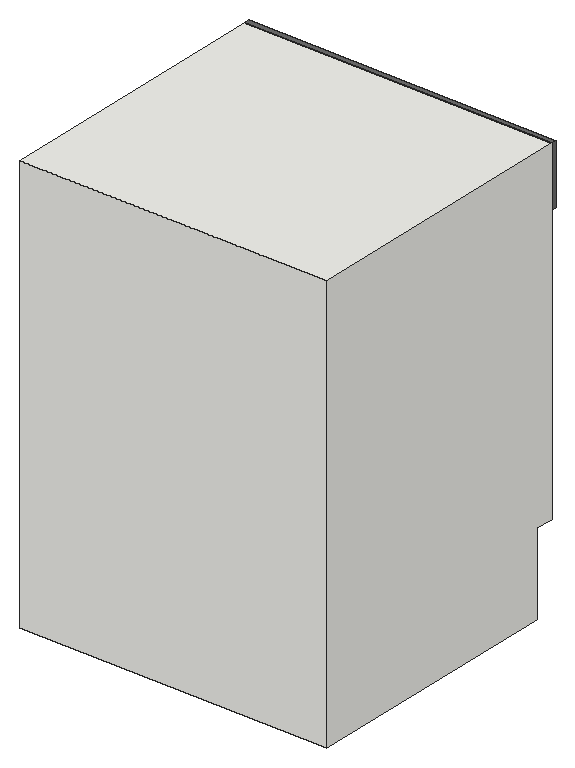
Revit family
Parameters (values of type "600 x 820 x 550mm")
  Label = "D"
  Depth = 550 mm
  Material = Metal - Paint Finish - Ivory, Glossy
  Height = 820 mm
  Plinth Depth = 35 mm
  Plinth Height = 160 mm
  Width = 600 mm
Reference planes
  plane 1: y = 0
  plane 2 "Center": x = -151.314
  plane 3: y = 676.2
  plane 4 "Right": x = 148.686
  plane 5 "Left": x = -451.314
  plane 6: y = 126.2
  plane 7: z = 160
  plane 8: y = 641.2
  plane 9: z = 820
  plane 10: z = 786.085
  plane 11: x = -76.314
  plane 12: z = 761.085
  plane 13: x = -376.314
  plane 14: x = -25.005
  plane 15: z = 702.169
  plane 16: z = 736.085
  plane 17: z = 440
  plane 18: y = 401.2
Forms (mm)
  Extrusion 1, solid, material "Metal - Paint Finish - Ivory, Glossy" <- "Material"
    sketch origin (-451.314, 0, 0) x (0, -1, 0) y (0, 0, 1)
      loop
        line (-126.2, 820) -> (-676.2, 820) -> (-676.2, 160) -> (-641.2, 160) -> (-641.2, 0) -> (-126.2, 0) -> (-126.2, 820)
    from -600 to 0
  Extrusion 2, void
    sketch origin (-451.314, 676.2, 820) x (-1, 0, 0) y (0, 0, -1)
      loop
        circle (-300, 380) r 190
    from 0 to 250
  Extrusion 3, solid, material "Metal - Stainless Steel"
    sketch origin (-451.314, 676.2, 820) x (1, 0, 0) y (0, 0, -1)
      loop
        circle (300, 380) r 190
      loop
        circle (300, 380) r 140
    from 0 to 19
  Extrusion 4, solid, material "Metal - Stainless Steel"
    sketch origin (-451.314, 676.2, 820) x (1, 0, 0) y (0, 0, -1)
      loop
        line (0, 117.831) -> (0, 0) -> (600, 0) -> (600, 117.831) -> (0, 117.831)
      loop
        circle (93.427, 605.23) r 35
    from 0 to 10
  Extrusion 5, solid, material "Plastic - Black"
    sketch origin (-451.314, 686.2, 820) x (1, 0, 0) y (0, 0, -1)
      loop
        line (571.309, 58.915) -> (571.309, 83.915) -> (454.473, 83.915) -> (454.473, 58.915) -> (571.309, 58.915)
      loop
        line (225, 38.915) -> (225, 78.915) -> (200, 78.915) -> (200, 38.915) -> (225, 38.915)
      loop
        circle (75, 58.915) r 25
      loop
        circle (375, 58.915) r 15
      loop
        line (58.693, 600.92) -> (127.961, 600.92) -> (127.961, 610.92) -> (58.693, 610.92) -> (58.693, 600.92)
      loop
        line (325, 38.915) -> (325, 78.915) -> (300, 78.915) -> (300, 38.915) -> (325, 38.915)
      loop
        line (275, 38.915) -> (275, 78.915) -> (250, 78.915) -> (250, 38.915) -> (275, 38.915)
    from 0 to 5
Cuts and joins
  Extrusion 2 cuts Extrusion 1
Lines and regions (mm)
  symbolic lines
    curve 1: line (-451.314, 676.2, 0) -> (148.686, 676.2, 0)
    curve 2: line (-451.314, 126.2, 0) -> (-451.314, 676.2, 0)
    curve 3: line (148.686, 126.2, 0) -> (-451.314, 126.2, 0)
    curve 4: line (148.686, 676.2, 0) -> (148.686, 126.2, 0)
    curve 5: line (-451.314, 656.2, 0) -> (148.686, 656.2, 0)
Text (mm)
  text "Placement Side" at (0, 533.471, 1971.195), in view "Right"
  text "Placement Side" at (-1038.758, 1363.827, 0), in view "Ref. Level"
  text "Placement Side" at (0, 1206.291, 1923.349), in view "Left"
Dimensions and locks
  "Depth": plane 6 to plane 3
  "Width": plane 5 "Left" to plane 4 "Right"
  equal spacing: plane 5 "Left", plane 2 "Center", plane 4 "Right"
  locked: plane 6 to host wall at 50
  "Plinth Depth": plane 3 to plane 8
  "Plinth Height": level to plane 7
  "Height": level to plane 9
  plane 5 "Left" to plane 13 = 75 mm
  equal spacing: plane 15, plane 12, plane 9
  plane 15 to plane 9 = 117.831 mm
  equal spacing: plane 16, plane 12, plane 10
  equal spacing: plane 6, plane 18, plane 3
  aligned and locked: plane 5 "Left" to Extrusion 1  (x2)
  aligned and locked: Extrusion 1 to plane 4 "Right"
  aligned and locked: curve 1 to Extrusion 1
  aligned and locked: curve 4 to Extrusion 1  (x2)
  aligned and locked: plane 3 to Extrusion 3
  aligned and locked: Extrusion 4 sketch curve to cut or joined group of Extrusion 1, Extrusion 2  (x2)
  aligned and locked: plane 2 "Center" to nested 1
  aligned and locked: nested 1 to plane 18
Automatic sketch dimensions
  Extrusion 1 sketch curve to plane 3 = 0 mm
  Extrusion 1 sketch curve to plane 7 = 0 mm
  Extrusion 1 sketch curve to plane 8 = 0 mm
  Extrusion 1 sketch curve to level = 0 mm
  Extrusion 1 sketch curve to plane 6 = 0 mm
  Extrusion 1 sketch curve to plane 9 = 0 mm
  curve 5 to curve 1 = 20 mm
  Extrusion 2 sketch curve to plane 17 = 0 mm
  Extrusion 2 sketch curve to plane 2 "Center" = 0 mm
  Extrusion 2 sketch curve to plane 14 = 63.691 mm
  Extrusion 3 sketch curve to plane 17 = 0 mm  (x2)
  Extrusion 3 sketch curve to plane 2 "Center" = 0 mm  (x2)
  Extrusion 3 sketch curve to plane 13 = 85 mm
  Extrusion 3 sketch curve to plane 13 = 35 mm
  plane 13 to Extrusion 4 sketch curve = 16.573 mm
  Extrusion 4 sketch curve to plane 13 = 18.427 mm
  Extrusion 4 sketch curve to plane 7 = 54.77 mm
  Extrusion 5 sketch curve to plane 12 = 0 mm  (x3)
  Extrusion 5 sketch curve to plane 13 = 0 mm
  Extrusion 5 sketch curve to plane 2 "Center" = 0 mm
  Extrusion 5 sketch curve to plane 11 = 0 mm
  plane 13 to Extrusion 5 sketch curve = 16.307 mm
  plane 13 to Extrusion 5 sketch curve = 25 mm
  Extrusion 5 sketch curve to plane 13 = 52.961 mm
  Extrusion 5 sketch curve to plane 16 = 5 mm  (x3)
  Extrusion 5 sketch curve to Extrusion 5 sketch curve = 25 mm  (x3)
  plane 10 to Extrusion 5 sketch curve = 5 mm  (x3)
  plane 2 "Center" to Extrusion 5 sketch curve = 25 mm
  plane 11 to Extrusion 5 sketch curve = 15 mm
  Extrusion 5 sketch curve to plane 7 = 59.08 mm
  Extrusion 5 sketch curve to Extrusion 5 sketch curve = 10 mm
  curve 4 to plane 3 = 0 mm
  Extrusion 4 sketch curve to plane 9 = 0 mm
  Extrusion 4 sketch curve to plane 15 = 0 mm
  Extrusion 5 sketch curve to plane 16 = 0 mm
  Extrusion 5 sketch curve to Extrusion 5 sketch curve = 75 mm
  Extrusion 5 sketch curve to plane 14 = 28.164 mm
  plane 4 "Right" to Extrusion 5 sketch curve = 28.691 mm
Nested families
  nested 1: "M_Label Annotation" at (-151.314, 401.2, 0), type "M_Label Annotation", detail levels medium+fine
Definition of nested family "M_Label Annotation"
  Parameters
    Label = ""
  Reference planes
    plane 1: y = 0
    plane 2: x = 0
  Text (mm)
    label "Label" at (0.007, 0.129, 0), shows "Label"
